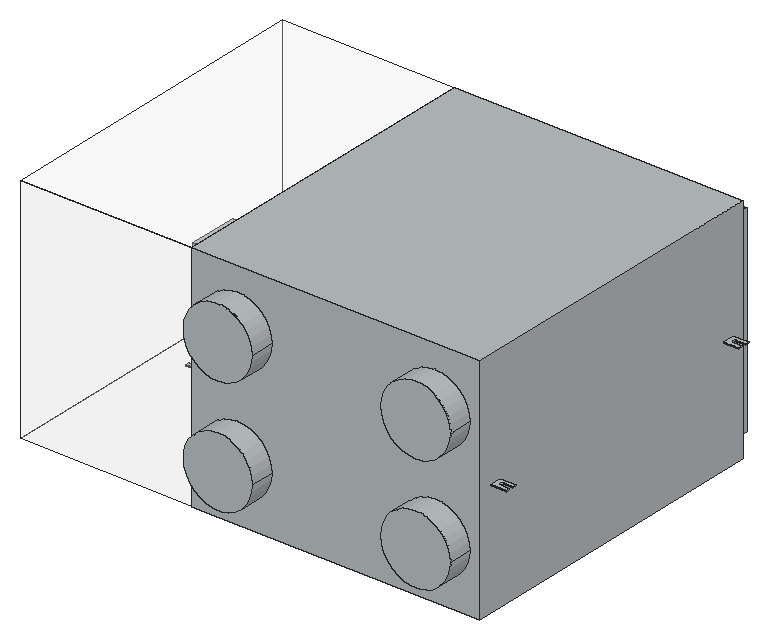
Revit family "lgh-n150_200rxvd_60Hz", category 機械設備, Revit 2019
Family settings
  丸型コネクタ寸法 = 直径を使用
  パーツ タイプ = 標準
  OmniClass 番号 = 23.75.10.34.21
  OmniClass タイトル = Heat Exchangers for Ventilation Air
  作業面ベース = いいえ
  常に垂直 = はい
  ロード時にボイドで切り取り = いいえ
  共有 = いいえ
  部屋計算ポイント = はい
Parameters (values of type "LGH-N150RXVD")
  騒音レベル(dB(A)) = 38.5
  風量 = SMAX風量  # 1500.0 m³/h
  面風速 = 8.5 m/s
  電源種別 [instance] = "一般"
  電圧 = 200 V
  電動機出力 = 0 W
  集中コントローラ = ""
  運転質量 = 0.00 kg
  連動 [instance] = ""
  質量 = if(製品質量 > 運転質量, 製品質量, 運転質量) * 1.2  # 127.20 kg
  負荷分類 = 10_ファンコイル類
  説明 = "業務用ロスナイ 天井埋込形 DCマイコン"
  設計風量 = SMAX風量  # 1500.0 m³/h
  設置方法 = "天井吊(隠ぺい)形"
  記号 [instance] = ""
  製造元 = "MITSIBISHI ELECTRIC"
  製品質量 = 106.00 kg
  製品出荷対象 = "国内"
  製品リリース年月 = "2020/7/20"
  製品グループ = ""
  系統 [instance] = ""
  符号 = "HEU"
  積算_科目 = "1 空気調和設備"
  積算_拾い区分 [instance] = ""
  相 = 1
  盤記号 [instance] = ""
  発停方法 [instance] = "別売スイッチ"
  特殊仕様 [instance] = ""
  点検口高さ = -Height  # -808 mm
  点検口離隔 = 150 mm
  点検口_Depth = 450 mm
  点検口 = yes
  火災停止 [instance] = "〇"
  温度交換効率 = 74.00%
  消費電力 = 900 W
  法定耐用年数 = "15"
  機外静圧_排気 = SMAX静圧  # 275.0 Pa
  機外静圧 = SMAX静圧  # 275.0 Pa
  極数 = 1
  材質 [instance] = ""
  本体マテリアル = 亜鉛めっき鋼板
  操作・制御方式 = ""
  操作・制御スイッチ = ""
  排気量 = SMAX風量  # 1500.0 m³/h
  形式 = "天井埋込ダクト形"
  幹線記号 [instance] = ""
  対象室 [instance] = ""
  実風量 = SMAX風量  # 1500.0 m³/h
  始動方式 [instance] = "直入"
  天吊金具_径 = 7.5 mm
  天吊金具_幅 = 30 mm
  外気量 = SMAX風量  # 1500.0 m³/h
  呼称 = "全熱交換ユニット"
  周波数 = 50 Hz
  天吊金具ピッチ2 = 1015 mm
  天吊金具ピッチ1 = 1057 mm
  天吊金具_高さ = 404 mm
  参照している仕様書等のバージョン = "公共建築物標準仕様書（機械設備工事編）平成31年度版"
  初期抵抗 = 0.0 Pa
  分類コード = "50052504100070"
  分類グループ = ""
  価格 = 990000
  企業コード = "108420"
  付属品_フィルター_還気 = ""
  付属品_フィルター = ""
  付属品 [instance] = ""
  仕様書バージョン = "Version1.0"
  モデル = "LGH-N150RXVD"
  メンテナンススペース = yes
  コメント [instance] = ""
  Keynote = ""
  エンタルピ交換効率_暖房 = 76.00%
  エンタルピ交換効率_冷房 = 66.00%
  Assembly Code = ""
  Width = 1004 mm
  Version = ""
  Uniclass2015Version = "Systems v1.9"
  Uniclass2015Title = "Thermal wheels"
  Uniclass2015Code = "Pr_60_60_36_88"
  URL = "https://www.mitsubishielectric.co.jp/ldg/wink/ssl/displayProduct.do?pid=306591&ccd=2020171025"
  SpecificationReference = ""
  SpecificationDescription = ""
  SMAX風量 = 1500.0 m³/h
  SMAX静圧 = 275.0 Pa
  SAサイズ_D = 242 mm
  Revision = ""
  RAサイズ_D = 242 mm
  ProductInformation = ""
  OmniClassCode = "23-27 23 19 11"
  OAサイズ_W = 270 mm
  OAサイズ_D = 700 mm
  MIN風量 = 660.0 m³/h
  MIN静圧 = 47.0 Pa
  MID風量 = 1080.0 m³/h
  MID静圧 = 127.0 Pa
  MAX風量 = 1500.0 m³/h
  MAX静圧 = 245.0 Pa
  IfcTypeProduct = ""
  IfcProduct = ""
  IfcExportType = "ROTARYWHEEL"
  IfcExportAs = "IfcAirToAirHeatRecoveryType"
  Height = 808 mm
  EAサイズ_W = 270 mm
  EAサイズ_D = 700 mm
  Duct_Pitch = 690 mm
  Duct_Height = 202 mm
  Duct_Depth_SA_RA = 84 mm
  Duct_Depth_OA_EA = 49 mm
  Depth = 1144 mm
  Clearance Top = Height  # 808 mm
  Clearance Left = 600 mm
  Box_Width = 175 mm
  Box_Height = 669 mm
  Box_H = 88 mm
  Box_Depth = 115 mm
  Box_W = 145 mm
  Author = "MITSUBISHI ELECTRIC"
Types (2, lengths in mm): name | 騒音レベル(dB(A)) | 風量 | 面風速 | 質量 | 設計風量 | 製品質量 | 温度交換効率 | 消費電力 | 機外静圧_排気 | 機外静圧 | 極数 | 排気量 | 実風量 | 外気量 | 天吊金具ピッチ1 | 価格 | モデル | エンタルピ交換効率_暖房 | エンタルピ交換効率_冷房 | Width | URL | SMAX風量 | SMAX静圧 | MIN風量 | MIN静圧 | MID風量 | MID静圧 | MAX風量 | MAX静圧 | Duct_Pitch
  LGH-N150RXVD | 38.5 | 1500.0 m³/h | 8.5 m/s | 127.20 kg | 1500.0 m³/h | 106.00 kg | 74.00% | 900 W | 275.0 Pa | 275.0 Pa | 1 | 1500.0 m³/h | 1500.0 m³/h | 1500.0 m³/h | 1057 | 990000 | "LGH-N150RXVD" | 76.00% | 66.00% | 1004 | "https://www.mitsubishielectric.co.jp/ldg/wink/ssl/displayProduct.do?pid=306591&ccd=2020171025" | 1500.0 m³/h | 275.0 Pa | 660.0 m³/h | 47.0 Pa | 1080.0 m³/h | 127.0 Pa | 1500.0 m³/h | 245.0 Pa | 690
  LGH-N200RXVD | 41 | 2000.0 m³/h | 11.3 m/s | 139.20 kg | 2000.0 m³/h | 116.00 kg | 73.00% | 1160 W | 225.0 Pa | 225.0 Pa | 2 | 2000.0 m³/h | 2000.0 m³/h | 2000.0 m³/h | 1284 | 1128000 | "LGH-N200RXVD" | 75.00% | 65.00% | 1231 | "https://www.mitsubishielectric.co.jp/ldg/wink/ssl/displayProduct.do?pid=306593&ccd=2020171025" | 2000.0 m³/h | 225.0 Pa | 880.0 m³/h | 32.0 Pa | 1440.0 m³/h | 86.0 Pa | 2000.0 m³/h | 165.0 Pa | 917
Reference planes
  plane 1 "中心(正面/背面)": y = 0
  plane 2: z = 0
  plane 3 "中心(左/右)": x = 0
  plane 4: x = -502
  plane 5: x = 502
  plane 6: y = 572
  plane 7: y = -572
  plane 8: z = -808
  plane 9: z = -202
  plane 10: x = -345
  plane 11: x = 345
  plane 12: y = -656
  plane 13: y = 621
  plane 14: x = -586
  plane 15: x = 586
  plane 16: x = -1102
  plane 17: y = -427
  plane 18: y = -252
  plane 19: z = -88
  plane 20: z = -757
  plane 21: x = -617
  plane 22: x = -652
  plane 23: y = 225
  plane 24: x = -528.5
  plane 25: x = 528.5
  plane 26: y = 507.5
  plane 27: y = -507.5
  plane 28: y = -225
  plane 29: x = -558.5
  plane 30: y = 527.5
  plane 31: y = 487.5
  plane 32: y = -487.5
  plane 33: y = -527.5
  plane 34: z = -5
  plane 35: z = -404
  plane 36: z = -407
  plane 37: x = 558.5
  plane 38: z = -404
  plane 39: x = 480
  plane 40: x = 210
  plane 41: x = -480
  plane 42: x = -210
  plane 43: z = -54
  plane 44: z = -754
  plane 45: z = -54
  plane 46: z = -754
  plane 47: z = -606
Forms (mm)
  Extrusion 1, solid, material "亜鉛めっき鋼板" <- "本体マテリアル", detail levels fine
    sketch origin (0, 0, 0) x (1, 0, 0) y (0, 1, 0)
      loop
        line (-502, 572) -> (-502, -572) -> (502, -572) -> (502, 572) -> (-502, 572)
    from 0 to -808
  Extrusion 2, solid, material "亜鉛めっき鋼板" <- "本体マテリアル", detail levels fine
    sketch origin (502, -572, 0) x (-1, 0, 0) y (0, 0, -1)
      loop
        circle (847, 202) r 121
    from 0 to 84
  Extrusion 3, solid, material "亜鉛めっき鋼板" <- "本体マテリアル", detail levels fine
    sketch origin (510, -445, 0) x (-1, 0, 0) y (0, 0, -1)
      loop
        circle (165, 202) r 121
    from 127 to 211
  Extrusion 4, solid, material "亜鉛めっき鋼板" <- "本体マテリアル", detail levels fine
    sketch origin (-502, -572, 0) x (0, 1, 0) y (0, 0, -1)
      loop
        line (320, 88) -> (320, 757) -> (145, 757) -> (145, 88) -> (320, 88)
    from 0 to 115
  Extrusion 5, solid, material "亜鉛めっき鋼板" <- "本体マテリアル", detail levels fine
    sketch origin (0, 0, 0) x (1, 0, 0) y (0, 1, 0)
      loop
        line (-558.5, 527.5) -> (-558.5, 515) -> (-528.5, 515)
        arc (-528.5, 515) -> (-521, 507.5) -> (-528.5, 500) r 7.5
        line (-528.5, 500) -> (-558.5, 500) -> (-558.5, 487.5) -> (-502, 487.5) -> (-502, 527.5) -> (-558.5, 527.5)
    from -404 to -407
  Extrusion 6, solid, material "亜鉛めっき鋼板" <- "本体マテリアル", detail levels fine
    sketch origin (0, 0, 0) x (1, 0, 0) y (0, 1, 0)
      loop
        line (-558.5, -527.5) -> (-502, -527.5) -> (-502, -487.5) -> (-558.5, -487.5) -> (-558.5, -500) -> (-528.5, -500)
        arc (-528.5, -500) -> (-521, -507.5) -> (-528.5, -515) r 7.5
        line (-528.5, -515) -> (-558.5, -515) -> (-558.5, -527.5)
    from -404 to -407
  Extrusion 7, solid, material "亜鉛めっき鋼板" <- "本体マテリアル", detail levels fine
    sketch origin (0, 0, 0) x (-1, 0, 0) y (0, -1, 0)
      loop
        line (-558.5, 527.5) -> (-558.5, 515) -> (-528.5, 515)
        arc (-528.5, 515) -> (-521, 507.5) -> (-528.5, 500) r 7.5
        line (-528.5, 500) -> (-558.5, 500) -> (-558.5, 487.5) -> (-502, 487.5) -> (-502, 527.5) -> (-558.5, 527.5)
    from -404 to -407
  Extrusion 8, solid, material "亜鉛めっき鋼板" <- "本体マテリアル", detail levels fine
    sketch origin (0, 0, 0) x (-1, 0, 0) y (0, -1, 0)
      loop
        line (-558.5, -527.5) -> (-502, -527.5) -> (-502, -487.5) -> (-558.5, -487.5) -> (-558.5, -500) -> (-528.5, -500)
        arc (-528.5, -500) -> (-521, -507.5) -> (-528.5, -515) r 7.5
        line (-528.5, -515) -> (-558.5, -515) -> (-558.5, -527.5)
    from -404 to -407
  Extrusion 9, solid, material "亜鉛めっき鋼板" <- "本体マテリアル", detail levels fine
    sketch origin (0, 0, 0) x (1, 0, 0) y (0, 0, 1)
      loop
        circle (-345, -606) r 121
    from 572 to 656
  Extrusion 10, solid, material "亜鉛めっき鋼板" <- "本体マテリアル", detail levels fine
    sketch origin (0, 0, 0) x (1, 0, 0) y (0, 0, 1)
      loop
        circle (345, -606) r 121
    from 572 to 656
  Extrusion 11, solid, material "亜鉛めっき鋼板" <- "本体マテリアル", detail levels fine
    sketch origin (0, 0, 0) x (1, 0, 0) y (0, 0, 1)
      loop
        line (480, -754) -> (480, -54) -> (210, -54) -> (210, -754) -> (480, -754)
    from -621 to -572
  Extrusion 12, solid, material "亜鉛めっき鋼板" <- "本体マテリアル", detail levels fine
    sketch origin (0, 0, 0) x (1, 0, 0) y (0, 0, 1)
      loop
        line (-480, -754) -> (-210, -754) -> (-210, -54) -> (-480, -54) -> (-480, -754)
    from -621 to -572
Lines and regions (mm)
  Masking region 1, detail levels coarse+medium
    outline origin (1326.5, 29, 0) x (1, 0, 0) y (0, 1, 0)
      loop
        line (-1828.5, 543) -> (-1828.5, -601) -> (-824.5, -601) -> (-824.5, 543) -> (-1828.5, 543)
  symbolic lines, detail levels coarse+medium
    curve 1: line (0, 572, 0) -> (-502, 0, 0)
    curve 2: line (-502, 0, 0) -> (0, -572, 0)
    curve 3: line (0, -572, 0) -> (502, 0, 0)
    curve 4: line (502, 0, 0) -> (0, 572, 0)
Dimensions and locks
  equal spacing: plane 4, plane 3 "中心(左/右)", plane 5
  "Width": plane 4 to plane 5
  equal spacing: plane 6, plane 1 "中心(正面/背面)", plane 7
  "Depth": plane 6 to plane 7
  "Height": level to plane 8
  "Duct_Height": level to plane 9
  equal spacing: plane 11, plane 3 "中心(左/右)", plane 10
  "Duct_Pitch": plane 11 to plane 10
  "Duct_Depth_OA_EA": plane 13 to plane 6
  "Duct_Depth_SA_RA": plane 7 to plane 12
  "Duct_Depth_SA_RA": plane 5 to plane 15
  "Duct_Depth_SA_RA": plane 14 to plane 4
  "Clearance Left": plane 16 to plane 4
  "Clearance Top": nested 1 to plane 8
  "Box_H": level to plane 19
  "Box_Height": plane 19 to plane 20
  "Box_W": plane 17 to plane 7
  "Box_Width": plane 18 to plane 17
  "Box_Depth": plane 21 to plane 4
  "点検口離隔": plane 22 to plane 4
  equal spacing: plane 24, plane 3 "中心(左/右)", plane 25
  "天吊金具ピッチ1": plane 24 to plane 25
  equal spacing: plane 26, plane 1 "中心(正面/背面)", plane 27
  "天吊金具ピッチ2": plane 26 to plane 27
  equal spacing: plane 23, plane 1 "中心(正面/背面)", plane 28
  "点検口_Depth": plane 23 to plane 28
  equal spacing: plane 30, plane 26, plane 31
  locked: plane 30 to plane 31 at 40
  "天吊金具_幅": plane 29 to plane 24
  "天吊金具_高さ": level to plane 35
  locked: plane 35 to plane 36 at 3
  equal spacing: plane 32, plane 27, plane 33
  locked: plane 32 to plane 33 at 40
  "天吊金具_幅": plane 25 to plane 37
  equal spacing: plane 8, plane 38, level
  equal spacing: plane 40, plane 11, plane 39
  "EAサイズ_W": plane 40 to plane 39
  equal spacing: plane 42, plane 10, plane 41
  "OAサイズ_W": plane 42 to plane 41
  equal spacing: plane 44, plane 38, plane 43
  "EAサイズ_D": plane 44 to plane 43
  "OAサイズ_D": plane 46 to plane 45
  equal spacing: plane 46, plane 38, plane 45
  "Duct_Height": plane 38 to plane 47
  "RAサイズ_D": diameter of Extrusion 3 sketch curve
  "天吊金具_径": radius of Extrusion 5 sketch curve
  "天吊金具_径": radius of Extrusion 6 sketch curve
  "天吊金具_径": radius of Extrusion 7 sketch curve
  "天吊金具_径": radius of Extrusion 8 sketch curve
  "SAサイズ_D": diameter of Extrusion 9 sketch curve
  "RAサイズ_D": diameter of Extrusion 10 sketch curve
  "SAサイズ_D": diameter of Extrusion 2 sketch curve
  aligned and locked: level to plane 2
  aligned and locked: Extrusion 1 to plane 8
  aligned and locked: Extrusion 2 to plane 12
  aligned and locked: plane 7 to Extrusion 2
  aligned and locked: plane 7 to Extrusion 3
  aligned and locked: Extrusion 3 to plane 12
  aligned and locked: plane 16 to nested 1
  aligned and locked: plane 4 to nested 1
  aligned and locked: nested 1 to plane 6
  aligned and locked: nested 1 to plane 7
  aligned and locked: plane 2 to nested 1
  aligned and locked: plane 8 to nested 1
  aligned and locked: Extrusion 4 to plane 21
  aligned and locked: plane 4 to Extrusion 4
  aligned and locked: Masking region 1 to plane 4
  aligned and locked: plane 5 to Masking region 1
  aligned and locked: plane 6 to Masking region 1
  aligned and locked: Masking region 1 to plane 7
  aligned and locked: plane 25 to nested 2
  aligned and locked: plane 24 to nested 2
  aligned and locked: nested 2 to plane 27
  aligned and locked: plane 26 to nested 2
  aligned and locked: Extrusion 4 to plane 18
  aligned and locked: Extrusion 4 to plane 20
  aligned and locked: plane 19 to Extrusion 4
  aligned and locked: Extrusion 4 to plane 17
  aligned and locked: plane 22 to nested 3
  aligned and locked: plane 16 to nested 3
  aligned and locked: plane 23 to nested 3
  aligned and locked: nested 3 to plane 28
  aligned and locked: plane 29 to Extrusion 5 sketch curve  (x2)
  aligned and locked: Extrusion 5 sketch curve to plane 4
  aligned and locked: plane 31 to Extrusion 5 sketch curve
  aligned and locked: Extrusion 5 sketch curve to plane 30
  aligned and locked: Extrusion 5 to plane 35
  aligned and locked: Extrusion 5 to plane 36
  aligned and locked: Extrusion 6 sketch curve to plane 29  (x2)
  aligned and locked: plane 32 to Extrusion 6 sketch curve
  aligned and locked: Extrusion 6 sketch curve to plane 33
  aligned and locked: plane 4 to Extrusion 6 sketch curve
  aligned and locked: plane 35 to Extrusion 6
  aligned and locked: Extrusion 6 to plane 36
  aligned and locked: plane 37 to Extrusion 7 sketch curve  (x2)
  aligned and locked: Extrusion 7 sketch curve to plane 32
  aligned and locked: plane 33 to Extrusion 7 sketch curve
  aligned and locked: plane 5 to Extrusion 7 sketch curve
  aligned and locked: Extrusion 7 to plane 36
  aligned and locked: plane 35 to Extrusion 7
  aligned and locked: Extrusion 8 sketch curve to plane 37  (x2)
  aligned and locked: Extrusion 8 sketch curve to plane 31
  aligned and locked: plane 30 to Extrusion 8 sketch curve
  aligned and locked: Extrusion 8 sketch curve to plane 5
  aligned and locked: plane 35 to Extrusion 8
  aligned and locked: Extrusion 8 to plane 36
  aligned and locked: Extrusion 9 to plane 12
  aligned and locked: plane 7 to Extrusion 9
  aligned and locked: Extrusion 10 to plane 12
  aligned and locked: plane 7 to Extrusion 10
  aligned and locked: plane 44 to Extrusion 11 sketch curve
  aligned and locked: plane 39 to Extrusion 11 sketch curve
  aligned and locked: Extrusion 11 sketch curve to plane 43
  aligned and locked: Extrusion 11 sketch curve to plane 40
  aligned and locked: Extrusion 12 sketch curve to plane 46
  aligned and locked: Extrusion 12 sketch curve to plane 41
  aligned and locked: plane 45 to Extrusion 12 sketch curve
  aligned and locked: plane 42 to Extrusion 12 sketch curve
  aligned and locked: plane 13 to Extrusion 12
  aligned and locked: Extrusion 12 to plane 6
  aligned and locked: plane 13 to Extrusion 11
  aligned and locked: Extrusion 11 to plane 6
Automatic sketch dimensions
  plane 1 "中心(正面/背面)" to curve 1 = 0 mm
  curve 1 to plane 4 = 0 mm
  curve 2 to plane 3 "中心(左/右)" = 0 mm
  curve 4 to plane 3 "中心(左/右)" = 0 mm
  plane 1 "中心(正面/背面)" to curve 4 = 0 mm
  curve 4 to plane 5 = 0 mm
  curve 2 to plane 7 = 0 mm
  curve 4 to plane 6 = 0 mm
  Extrusion 1 sketch curve to plane 4 = 0 mm
  Extrusion 1 sketch curve to plane 5 = 0 mm
  Extrusion 1 sketch curve to plane 7 = 0 mm
  Extrusion 1 sketch curve to plane 6 = 0 mm
  Extrusion 3 sketch curve to plane 9 = 0 mm
  Extrusion 3 sketch curve to plane 11 = 0 mm
  Extrusion 4 sketch curve to Extrusion 1 = 145 mm
  Extrusion 1 to Extrusion 4 sketch curve = 51 mm
  Extrusion 4 sketch curve to Extrusion 4 sketch curve = 175 mm
  Extrusion 1 to Extrusion 4 sketch curve = 88 mm
  Masking region 1 sketch curve to plane 4 = 0 mm
  Masking region 1 sketch curve to plane 5 = 0 mm
  Masking region 1 sketch curve to plane 7 = 0 mm
  Masking region 1 sketch curve to plane 6 = 0 mm
  Extrusion 9 sketch curve to plane 10 = 0 mm
  Extrusion 9 sketch curve to plane 47 = 0 mm
  Extrusion 10 sketch curve to plane 11 = 0 mm
  Extrusion 10 sketch curve to plane 47 = 0 mm
  Extrusion 1 to Extrusion 2 sketch curve = 157 mm
  Extrusion 1 to Extrusion 2 sketch curve = 202 mm
  Extrusion 5 sketch curve to plane 24 = 0 mm
  Extrusion 5 sketch curve to plane 26 = 0 mm
  Extrusion 6 sketch curve to plane 24 = 0 mm
  Extrusion 6 sketch curve to plane 27 = 0 mm
  Extrusion 7 sketch curve to plane 25 = 0 mm
  Extrusion 7 sketch curve to plane 27 = 0 mm
  Extrusion 8 sketch curve to plane 25 = 0 mm
  Extrusion 8 sketch curve to plane 26 = 0 mm
Nested families
  nested 1: "メンテナンススペース" at (-802, 0, -404), visible <- "メンテナンススペース", type "メンテナンススペース"
    with Width 600 mm, Height 808 mm, Depth 1144 mm
  nested 2: "固定点" at (-528.5, -507.5, 0), type "固定点"
    with W 1057 mm, D 1015 mm
  nested 3: "点検口設置範囲" at (-877, 0, -808), built-in parameter 1001364 <- "点検口高さ", visible <- "点検口", type "点検口設置範囲"
    with Width 450 mm, Depth 450 mm
Connectors
  hvac at (-345, -656, -202), driven by "SAサイズ_D", driven by "機外静圧", driven by "風量"
    settings: on Extrusion 2, index 1, duct flow 1500.0 m³/h, flow factor 0, pres drop 275.0 Pa, loss coef 0, conn angle 0.00°, conn width 304.8 mm, conn height 304.8 mm, conn diameter 242 mm, duct sys type 1, conn prof type 0, flow config 0, flow direction 2, loss method 4, conn ref index -1, conn util no, is conn primary yes, conn desc ""
  hvac at (345, -656, -202), driven by "RAサイズ_D", driven by "機外静圧", driven by "風量"
    settings: on Extrusion 3, index 2, duct flow 1500.0 m³/h, flow factor 0, pres drop 275.0 Pa, loss coef 0, conn angle 0.00°, conn width 304.8 mm, conn height 304.8 mm, conn diameter 242 mm, duct sys type 2, conn prof type 0, flow config 0, flow direction 1, loss method 4, conn ref index -1, conn util no, is conn primary no, conn desc ""
  electrical at (-559.5, -427, -422.5), driven by "負荷分類", driven by "極数", driven by "電圧", driven by "消費電力"
    settings: on Extrusion 4, index 7, voltage 200 V, apparent load 900 VA, apparent load phase1 0 VA, apparent load phase2 0 VA, apparent load phase3 0 VA, power factor 1, load classification "10_ファンコイル類", number of poles 1, system type 30, power factor state 1, is connector primary yes, connector utility no, sub classification motor no, connector description ""
  hvac at (-345, -656, -606), driven by "SAサイズ_D", driven by "機外静圧", driven by "風量"
    settings: on Extrusion 9, index 8, duct flow 1500.0 m³/h, flow factor 0, pres drop 275.0 Pa, loss coef 0, conn angle 0.00°, conn width 304.8 mm, conn height 304.8 mm, conn diameter 242 mm, duct sys type 1, conn prof type 0, flow config 0, flow direction 2, loss method 4, conn ref index -1, conn util no, is conn primary no, conn desc ""
  hvac at (345, -656, -606), driven by "RAサイズ_D", driven by "機外静圧", driven by "風量"
    settings: on Extrusion 10, index 9, duct flow 1500.0 m³/h, flow factor 0, pres drop 275.0 Pa, loss coef 0, conn angle 0.00°, conn width 304.8 mm, conn height 304.8 mm, conn diameter 242 mm, duct sys type 2, conn prof type 0, flow config 0, flow direction 1, loss method 4, conn ref index -1, conn util no, is conn primary no, conn desc ""
  hvac at (345, 621, -404), driven by "EAサイズ_D", driven by "EAサイズ_W", driven by "機外静圧_排気", driven by "排気量"
    settings: on Extrusion 11, index 10, duct flow 1500.0 m³/h, flow factor 0, pres drop 275.0 Pa, loss coef 0, conn angle 0.00°, conn width 270 mm, conn height 700 mm, conn diameter 609.6 mm, duct sys type 3, conn prof type 1, flow config 0, flow direction 2, loss method 4, conn ref index -1, conn util no, is conn primary no, conn desc ""
  hvac at (-345, 621, -404), driven by "OAサイズ_W", driven by "OAサイズ_D", driven by "機外静圧", driven by "風量"
    settings: on Extrusion 12, index 11, duct flow 1500.0 m³/h, flow factor 0, pres drop 275.0 Pa, loss coef 0, conn angle 0.00°, conn width 270 mm, conn height 700 mm, conn diameter 609.6 mm, duct sys type 4, conn prof type 1, flow config 0, flow direction 1, loss method 4, conn ref index -1, conn util no, is conn primary no, conn desc ""
Definition of nested family "メンテナンススペース"
  Parameters (values of type "メンテナンススペース")
    Width [instance] = 500 mm
    Height [instance] = 500 mm
    Depth [instance] = 500 mm
  Reference planes
    plane 1 "中心(正面/背面)": y = 0
    plane 2: z = 0
    plane 3 "中心(左/右)": x = 0
    plane 4: y = -250
    plane 5: x = 250
    plane 6: y = 250
    plane 7: x = -250
    plane 8: z = 250
    plane 9: z = -250
  Forms (mm)
    Extrusion 1, solid
      sketch origin (-638.939, 0, 72.39) x (1, 0, 0) y (0, 1, 0)
        loop
          line (388.939, 250) -> (388.939, -250) -> (888.939, -250) -> (888.939, 250) -> (388.939, 250)
      from -322.39 to 177.61
  Lines and regions (mm)
    symbolic lines
      curve 1: line (-250, 0, 250) -> (250, 0, 250)
      curve 2: line (-250, 0, -250) -> (-250, 0, 250)
      curve 3: line (250, 0, -250) -> (-250, 0, -250)
      curve 4: line (250, 0, 250) -> (250, 0, -250)
      curve 5: line (0, -250, 250) -> (0, 250, 250)
      curve 6: line (0, -250, -250) -> (0, -250, 250)
      curve 7: line (0, 250, -250) -> (0, -250, -250)
      curve 8: line (0, 250, 250) -> (0, 250, -250)
      curve 9: line (-250, 250, 0) -> (250, 250, 0)
      curve 10: line (-250, -250, 0) -> (-250, 250, 0)
      curve 11: line (250, -250, 0) -> (-250, -250, 0)
      curve 12: line (250, 250, 0) -> (250, -250, 0)
  Dimensions and locks
    equal spacing: plane 7, plane 3 "中心(左/右)", plane 5
    equal spacing: plane 4, plane 1 "中心(正面/背面)", plane 6
    "Depth": plane 4 to plane 6
    "Width": plane 7 to plane 5
    equal spacing: plane 8, plane 2, plane 9
    "Height": plane 8 to plane 9
    aligned and locked: plane 9 to curve 3
    aligned and locked: plane 7 to curve 2
    aligned and locked: curve 4 to plane 5
    aligned and locked: plane 5 to Extrusion 1
    aligned and locked: Extrusion 1 to plane 7
    aligned and locked: Extrusion 1 to plane 9
    aligned and locked: plane 8 to Extrusion 1
    aligned and locked: plane 9 to curve 7
  Automatic sketch dimensions
    plane 4 to Extrusion 1 sketch curve = 0 mm
    Extrusion 1 sketch curve to plane 7 = 0 mm
    Extrusion 1 sketch curve to plane 5 = 0 mm
    plane 6 to Extrusion 1 sketch curve = 0 mm
    curve 2 to plane 8 = 0 mm
    plane 4 to curve 11 = 0 mm
    curve 11 to plane 7 = 0 mm
    curve 11 to plane 5 = 0 mm
    plane 6 to curve 10 = 0 mm
    curve 7 to plane 4 = 0 mm
    curve 7 to plane 6 = 0 mm
    curve 6 to plane 8 = 0 mm
Definition of nested family "固定点"
  Parameters (values of type "固定点")
    中心円 = 20 mm
    W [instance] = 1000 mm
    D [instance] = 1000 mm
  Reference planes
    plane 1 "中心(正面/背面)": y = 0
    plane 2: z = 0
    plane 3 "中心(左/右)": x = 0
    plane 4: x = 1000
    plane 5: y = 1000
  Lines and regions (mm)
    symbolic lines, detail levels fine
      curve 1: circle (0, 1000, 0) r 10 normal (0, 0, 1)
      curve 2: circle (0, 0, 0) r 10 normal (0, 0, 1)
      curve 3: circle (1000, 1000, 0) r 10 normal (0, 0, 1)
      curve 4: circle (1000, 0, 0) r 10 normal (0, 0, 1)
      curve 5: line (-200, 1000, 0) -> (1200, 1000, 0)
      curve 6: line (-200, 0, 0) -> (1200, 0, 0)
      curve 7: line (0, 1200, 0) -> (0, -200, 0)
      curve 8: line (1000, 1200, 0) -> (1000, -200, 0)
  Dimensions and locks
    "W": plane 3 "中心(左/右)" to plane 4
    "D": plane 1 "中心(正面/背面)" to plane 5
    "中心円": diameter of curve 1
    "中心円": diameter of curve 2
    "中心円": diameter of curve 3
    "中心円": diameter of curve 4
    aligned and locked: level to plane 2
    aligned and locked: plane 5 to curve 1
    aligned and locked: plane 3 "中心(左/右)" to curve 1
    aligned and locked: plane 3 "中心(左/右)" to curve 2
    aligned and locked: plane 1 "中心(正面/背面)" to curve 2
    aligned and locked: plane 4 to curve 3
    aligned and locked: plane 5 to curve 3
    aligned and locked: plane 1 "中心(正面/背面)" to curve 4
    aligned and locked: plane 4 to curve 4
    aligned and locked: plane 1 "中心(正面/背面)" to curve 6
    aligned and locked: curve 7 to plane 3 "中心(左/右)"
    aligned and locked: curve 8 to plane 4
  Automatic sketch dimensions
    curve 5 to plane 5 = 0 mm
    curve 6 to plane 3 "中心(左/右)" = 200 mm
    curve 5 to plane 3 "中心(左/右)" = 200 mm
    curve 4 to curve 6 = 200 mm
    curve 3 to curve 5 = 200 mm
    plane 1 "中心(正面/背面)" to curve 8 = 200 mm
    plane 1 "中心(正面/背面)" to curve 7 = 200 mm
    curve 3 to curve 8 = 200 mm
    curve 1 to curve 7 = 200 mm
Definition of nested family "点検口設置範囲"
  Parameters (values of type "点検口設置範囲")
    Width [instance] = 1000 mm
    Depth [instance] = 700 mm
  Reference planes
    plane 1 "中心(正面/背面)": y = 0
    plane 2: z = 0
    plane 3 "中心(左/右)": x = 0
    plane 4: x = -500
    plane 5: x = 500
    plane 6: y = -350
    plane 7: y = 350
  Lines and regions (mm)
    model lines
      curve 1: line (-500, 350, 0) -> (500, 350, 0)
      curve 2: line (-500, -350, 0) -> (-500, 350, 0)
      curve 3: line (500, -350, 0) -> (-500, -350, 0)
      curve 4: line (500, 350, 0) -> (500, -350, 0)
  Dimensions and locks
    "Depth": plane 7 to plane 6
    "Width": plane 4 to plane 5
    equal spacing: plane 7, plane 1 "中心(正面/背面)", plane 6
    equal spacing: plane 4, plane 3 "中心(左/右)", plane 5
    aligned and locked: level to plane 2
    aligned and locked: plane 4 to curve 2
    aligned and locked: curve 1 to plane 7
    aligned and locked: curve 4 to plane 5
    aligned and locked: plane 6 to curve 3
